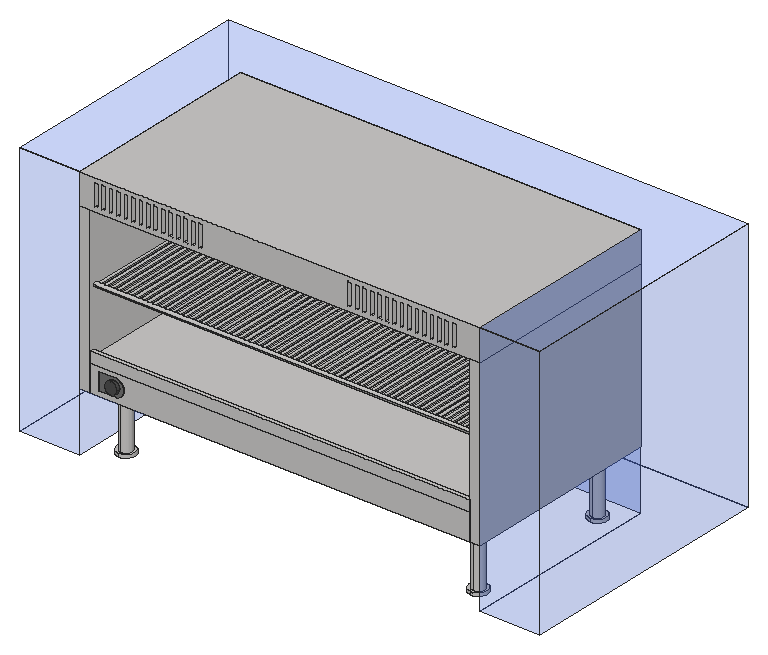
Revit family "QF_Vollrath 40700", category Specialty Equipment, Revit 2016
Family settings
  Part Type = Normal
  Round Connector Dimension = Use Diameter
  OmniClass Number = 23.40.40.11.21
  OmniClass Title = Hot Cabinets
  Work Plane-Based = No
  Always vertical = Yes
  Cut with Voids When Loaded = No
  Shared = No
  Room Calculation Point = No
Parameters (values of type "--")
  Width = 15 205/256"
  Weight in Pounds = 37
  Watts = 1450 W
  Watermarked By = "http://revitwatermark.com"
  Volts = 120 V
  URL Cutsheet = ""
  URL = "www.vollrathco.com"
  Status [instance] = ""
  Specification by User [instance] = ""
  Specification by Manufacturer = ""
  Serial Number [instance] = ""
  Seismic Rating [instance] = ""
  SMACNA No [instance] = ""
  Revision Code [instance] = ""
  Phase = 1
  Number of Poles [instance] = 1
  NAFEM Spec ID Number [instance] = ""
  Model = "40700"
  Masterspec = ""
  Manufacturer = "Vollrath"
  Item Number [instance] = ""
  Installed By [instance] = ""
  Height AFF [instance] = 12.18"
  Furnished By [instance] = ""
  Foodservice Equipment Identifier [instance] = yes
  FL Amps = 12 A
  Electrical Remarks [instance] = ""
  Electric Connection Type [instance] = ""
  Elec Conn RI Height [instance] = 0"
  Elec Conn Connection Height = 2"
  Description = "Cheese Melter/Warmer Oven"
  Cycle = 60 Hz
  Conn Plug = "NEMA 5-20P"
  CSI MasterFormat = "11 42 13"
  Assembly Code = "E1090320"
  Apparent Power = if(Phase = 3, Volts * FL Amps * 1.73, Volts * FL Amps)  # 1440 VA
Reference planes (in)
  plane 1: z = 0
  plane 2 "LEFT": x = 48
  plane 3 "BACK": y = -48
  plane 4 "BOTTOM": z = 12.18
  plane 5 "RIGHT": x = 74.79329
  plane 6 "FRONT": y = -61.5
  plane 7: z = 26.5796
  plane 8 "TOP": z = 29.2425
  plane 9: z = 16.18
  plane 10: z = 27.14622
  plane 11: z = 17.9773
  plane 12: x = 48.64665
  plane 13: x = 74.14665
  plane 14: z = 18.70605
  plane 15: z = 18.30492
  plane 16: z = 12.375
  plane 17: z = 32.44708
  plane 18: y = -44
  plane 19: x = 78.79329
  plane 20: x = 44
Forms (in)
  Extrusion 1, solid, material "QF_Finishes_Stainless Steel", not visible
    sketch origin (0, -75.61667, 13.94238) x (-1, 0, 0) y (0, 0.422618, 0.906308)
      loop
        line (-61.50401, 16.83949) -> (-49.55058, 16.83949) -> (-49.55058, 21.54291) -> (-61.50401, 21.54291) -> (-61.50401, 16.83949)
      loop
        circle (-51.11798, 19.07879) r 1.25
      loop
        circle (-51.11798, 19.07879) r 1
      loop
        line (-54.03077, 21.06689) -> (-57.03077, 21.06689) -> (-57.03077, 20.31689) -> (-54.03077, 20.31689) -> (-54.03077, 21.06689)
      loop
        circle (-54.03077, 17.5068) r 0.25
      loop
        circle (-56.78077, 17.5068) r 0.25
    from 0 to 0.68909
  Extrusion 2, solid, material "QF_Finishes_Black", not visible
    sketch origin (0, -75.54289, 2.05167) x (-1, 0, 0) y (0, 0.422618, 0.906308)
      loop
        circle (-51.11798, 29.82425) r 1.25
      loop
        circle (-51.11798, 29.82425) r 1
    from -5.0921 to -4.40301
  Extrusion 3, solid, material "QF_Finishes_Black", not visible
    sketch origin (0, -75.78725, 14.03463) x (-1, 0, 0) y (0, 0.406737, 0.913545)
      loop
        line (-57.03077, 21.03676) -> (-57.03077, 20.35703) -> (-54.03077, 20.35703) -> (-54.03077, 21.03676) -> (-57.03077, 21.03676)
      loop
        circle (-54.03077, 17.5068) r 0.25
      loop
        circle (-56.78077, 17.5068) r 0.25
    from 0.54411 to 1.25
  Extrusion 4, solid, material "QF_Finishes_Dark Grey", not visible
    sketch origin (0, -70.09177, 5.66795) x (-1, 0, 0) y (0, 0.422618, 0.906308)
      loop
        circle (-52.11896, 26.29929) r 0.25
      loop
        circle (-53.36896, 26.29929) r 0.25
      loop
        circle (-54.61896, 26.29929) r 0.25
      loop
        circle (-55.86896, 26.29929) r 0.25
      loop
        circle (-57.11896, 26.29929) r 0.25
      loop
        circle (-58.36896, 26.29929) r 0.25
    from 7.45399 to 7.92109
  Extrusion 5, solid, material "QF_Finishes_Stainless Steel"
    sketch origin (73.27749, -57.74271, 22.25) x (0, 1, 0) y (-1, 0, 0)
      loop
        circle (-2, 23.59576) r 0.6
    from -10.07 to -9.875
  Extrusion 6, solid, material "QF_Finishes_Stainless Steel"
    sketch origin (73.27749, -57.74271, 22.25) x (0, 1, 0) y (-1, 0, 0)
      loop
        circle (-2, 23.59576) r 0.4
    from -9.875 to -6.07
  Extrusion 7, solid, material "QF_Finishes_Stainless Steel"
    sketch origin (98.52749, -57.74271, 22.25) x (0, 1, 0) y (-1, 0, 0)
      loop
        circle (-2, 25.23996) r 0.6
    from -10.07 to -9.875
  Extrusion 8, solid, material "QF_Finishes_Stainless Steel"
    sketch origin (98.52749, -57.74271, 22.25) x (0, 1, 0) y (-1, 0, 0)
      loop
        circle (-2, 25.23996) r 0.4
    from -9.875 to -6.07
  Extrusion 9, solid, material "QF_Finishes_Stainless Steel"
    sketch origin (73.27749, -47.74271, 22.25) x (0, 1, 0) y (-1, 0, 0)
      loop
        circle (-2, 23.59576) r 0.6
    from -10.07 to -9.875
  Extrusion 10, solid, material "QF_Finishes_Stainless Steel"
    sketch origin (73.27749, -47.74271, 22.25) x (0, 1, 0) y (-1, 0, 0)
      loop
        circle (-2, 23.59576) r 0.4
    from -9.875 to -6.07
  Extrusion 11, solid, material "QF_Finishes_Stainless Steel"
    sketch origin (98.52749, -47.74271, 22.25) x (0, 1, 0) y (-1, 0, 0)
      loop
        circle (-2, 25.23996) r 0.6
    from -10.07 to -9.875
  Extrusion 12, solid, material "QF_Finishes_Stainless Steel"
    sketch origin (98.52749, -47.74271, 22.25) x (0, 1, 0) y (-1, 0, 0)
      loop
        circle (-2, 25.23996) r 0.4
    from -9.875 to -6.07
  Extrusion 13, solid, material "QF_Finishes_Stainless Steel"
    sketch origin (74.79329, 0, 0) x (0, 1, 0) y (0, 0, 1)
      loop
        line (-61.5, 29.2425) -> (-61.5, 27.14622) -> (-48, 27.14622) -> (-48, 29.2425) -> (-61.5, 29.2425)
    from -26.79329 to 0
  Extrusion 14, solid, material "QF_Finishes_Stainless Steel"
    sketch origin (74.79329, 0, 0) x (0, 1, 0) y (0, 0, 1)
      loop
        line (-61.5, 27.14622) -> (-61.5, 16.18) -> (-48, 16.18) -> (-48, 27.14622) -> (-61.5, 27.14622)
    from -26.14665 to -26.79329
  Extrusion 15, solid, material "QF_Finishes_Stainless Steel"
    sketch origin (104.22835, 0, 0) x (0, 1, 0) y (0, 0, 1)
      loop
        line (-61.5, 27.14622) -> (-61.5, 16.18) -> (-48, 16.18) -> (-48, 27.14622) -> (-61.5, 27.14622)
    from -30.08171 to -29.43506
  Extrusion 16, solid, material "QF_Finishes_Stainless Steel"
    sketch origin (0, -61.5, 0) x (-1, 0, 0) y (0, 0, 1)
      loop
        line (-48.64665, 17.9773) -> (-74.14665, 17.9773) -> (-74.14665, 16.18) -> (-48.64665, 16.18) -> (-48.64665, 17.9773)
      loop
        line (-49.27453, 16.5177) -> (-49.27453, 17.65705) -> (-50.3739, 17.65705)
        arc (-50.3739, 17.65705) -> (-50.94358, 17.08738) -> (-50.3739, 16.5177) r 0.56968
        line (-50.3739, 16.5177) -> (-49.27453, 16.5177)
      loop
        circle (-50.23398, 17.07738) r 0.40989
    from 0 to 13.5
  Extrusion 17, solid, material "QF_Finishes_Stainless Steel"
    sketch origin (74.79329, 0, 0) x (0, 1, 0) y (0, 0, 1)
      loop
        line (-61.25, 18.30492) -> (-61.25, 18.70605) -> (-61.5, 18.70605) -> (-61.5, 17.9773) -> (-49.5, 17.9773) -> (-49.5, 18.30492) -> (-61.25, 18.30492)
    from -0.64665 to -26.14665
  Extrusion 18, solid, material "QF_Finishes_Stainless Steel"
    sketch origin (0, -61.5, 0) x (-1, 0, 0) y (0, 0, 1)
      loop
        line (-48.64665, 27.14622) -> (-74.14665, 27.14622) -> (-74.14665, 17.9773) -> (-48.64665, 17.9773) -> (-48.64665, 27.14622)
    from 13.5 to 12
  Extrusion 19, solid, material "QF_Finishes_Stainless Steel", not visible
    sketch origin (0, -61.5, 0) x (-1, 0, 0) y (0, 0, 1)
      loop
        circle (-49.14244, 32.63817) r 0.1236
    from 0 to 12
  Extrusion 20, solid, material "QF_Finishes_Stainless Steel", not visible
    sketch origin (24.25, -61.5, 0) x (-1, 0, 0) y (0, 0, 1)
      loop
        circle (-49.14244, 32.63817) r 0.1236
    from 0 to 12
  Extrusion 21, solid, material "QF_Finishes_Stainless Steel", not visible
    sketch origin (0.75781, -61.5, 0) x (-1, 0, 0) y (0, 0, 1)
      loop
        circle (-49.14244, 32.63817) r 0.1236
    from 0 to 12
  Extrusion 22, solid, material "QF_Finishes_Stainless Steel", not visible
    sketch origin (1.51562, -61.5, 0) x (-1, 0, 0) y (0, 0, 1)
      loop
        circle (-49.14244, 32.63817) r 0.1236
    from 0 to 12
  Extrusion 23, solid, material "QF_Finishes_Stainless Steel", not visible
    sketch origin (2.27344, -61.5, 0) x (-1, 0, 0) y (0, 0, 1)
      loop
        circle (-49.14244, 32.63817) r 0.1236
    from 0 to 12
  Extrusion 24, solid, material "QF_Finishes_Stainless Steel", not visible
    sketch origin (3.03125, -61.5, 0) x (-1, 0, 0) y (0, 0, 1)
      loop
        circle (-49.14244, 32.63817) r 0.1236
    from 0 to 12
  Extrusion 25, solid, material "QF_Finishes_Stainless Steel", not visible
    sketch origin (3.78906, -61.5, 0) x (-1, 0, 0) y (0, 0, 1)
      loop
        circle (-49.14244, 32.63817) r 0.1236
    from 0 to 12
  Extrusion 26, solid, material "QF_Finishes_Stainless Steel", not visible
    sketch origin (4.54687, -61.5, 0) x (-1, 0, 0) y (0, 0, 1)
      loop
        circle (-49.14244, 32.63817) r 0.1236
    from 0 to 12
  Extrusion 27, solid, material "QF_Finishes_Stainless Steel", not visible
    sketch origin (5.30469, -61.5, 0) x (-1, 0, 0) y (0, 0, 1)
      loop
        circle (-49.14244, 32.63817) r 0.1236
    from 0 to 12
  Extrusion 28, solid, material "QF_Finishes_Stainless Steel", not visible
    sketch origin (6.0625, -61.5, 0) x (-1, 0, 0) y (0, 0, 1)
      loop
        circle (-49.14244, 32.63817) r 0.1236
    from 0 to 12
  Extrusion 29, solid, material "QF_Finishes_Stainless Steel", not visible
    sketch origin (6.82031, -61.5, 0) x (-1, 0, 0) y (0, 0, 1)
      loop
        circle (-49.14244, 32.63817) r 0.1236
    from 0 to 12
  Extrusion 30, solid, material "QF_Finishes_Stainless Steel", not visible
    sketch origin (7.57812, -61.5, 0) x (-1, 0, 0) y (0, 0, 1)
      loop
        circle (-49.14244, 32.63817) r 0.1236
    from 0 to 12
  Extrusion 31, solid, material "QF_Finishes_Stainless Steel", not visible
    sketch origin (8.33594, -61.5, 0) x (-1, 0, 0) y (0, 0, 1)
      loop
        circle (-49.14244, 32.63817) r 0.1236
    from 0 to 12
  Extrusion 32, solid, material "QF_Finishes_Stainless Steel", not visible
    sketch origin (9.09375, -61.5, 0) x (-1, 0, 0) y (0, 0, 1)
      loop
        circle (-49.14244, 32.63817) r 0.1236
    from 0 to 12
  Extrusion 33, solid, material "QF_Finishes_Stainless Steel", not visible
    sketch origin (9.85156, -61.5, 0) x (-1, 0, 0) y (0, 0, 1)
      loop
        circle (-49.14244, 32.63817) r 0.1236
    from 0 to 12
  Extrusion 34, solid, material "QF_Finishes_Stainless Steel", not visible
    sketch origin (10.60937, -61.5, 0) x (-1, 0, 0) y (0, 0, 1)
      loop
        circle (-49.14244, 32.63817) r 0.1236
    from 0 to 12
  Extrusion 35, solid, material "QF_Finishes_Stainless Steel", not visible
    sketch origin (11.36719, -61.5, 0) x (-1, 0, 0) y (0, 0, 1)
      loop
        circle (-49.14244, 32.63817) r 0.1236
    from 0 to 12
  Extrusion 36, solid, material "QF_Finishes_Stainless Steel", not visible
    sketch origin (12.125, -61.5, 0) x (-1, 0, 0) y (0, 0, 1)
      loop
        circle (-49.14244, 32.63817) r 0.1236
    from 0 to 12
  Extrusion 37, solid, material "QF_Finishes_Stainless Steel", not visible
    sketch origin (12.88281, -61.5, 0) x (-1, 0, 0) y (0, 0, 1)
      loop
        circle (-49.14244, 32.63817) r 0.1236
    from 0 to 12
  Extrusion 38, solid, material "QF_Finishes_Stainless Steel", not visible
    sketch origin (13.64062, -61.5, 0) x (-1, 0, 0) y (0, 0, 1)
      loop
        circle (-49.14244, 32.63817) r 0.1236
    from 0 to 12
  Extrusion 39, solid, material "QF_Finishes_Stainless Steel", not visible
    sketch origin (14.39844, -61.5, 0) x (-1, 0, 0) y (0, 0, 1)
      loop
        circle (-49.14244, 32.63817) r 0.1236
    from 0 to 12
  Extrusion 40, solid, material "QF_Finishes_Stainless Steel", not visible
    sketch origin (15.15625, -61.5, 0) x (-1, 0, 0) y (0, 0, 1)
      loop
        circle (-49.14244, 32.63817) r 0.1236
    from 0 to 12
  Extrusion 41, solid, material "QF_Finishes_Stainless Steel", not visible
    sketch origin (15.91406, -61.5, 0) x (-1, 0, 0) y (0, 0, 1)
      loop
        circle (-49.14244, 32.63817) r 0.1236
    from 0 to 12
  Extrusion 42, solid, material "QF_Finishes_Stainless Steel", not visible
    sketch origin (16.67187, -61.5, 0) x (-1, 0, 0) y (0, 0, 1)
      loop
        circle (-49.14244, 32.63817) r 0.1236
    from 0 to 12
  Extrusion 43, solid, material "QF_Finishes_Stainless Steel", not visible
    sketch origin (17.42969, -61.5, 0) x (-1, 0, 0) y (0, 0, 1)
      loop
        circle (-49.14244, 32.63817) r 0.1236
    from 0 to 12
  Extrusion 44, solid, material "QF_Finishes_Stainless Steel", not visible
    sketch origin (18.1875, -61.5, 0) x (-1, 0, 0) y (0, 0, 1)
      loop
        circle (-49.14244, 32.63817) r 0.1236
    from 0 to 12
  Extrusion 45, solid, material "QF_Finishes_Stainless Steel", not visible
    sketch origin (18.94531, -61.5, 0) x (-1, 0, 0) y (0, 0, 1)
      loop
        circle (-49.14244, 32.63817) r 0.1236
    from 0 to 12
  Extrusion 46, solid, material "QF_Finishes_Stainless Steel", not visible
    sketch origin (19.70312, -61.5, 0) x (-1, 0, 0) y (0, 0, 1)
      loop
        circle (-49.14244, 32.63817) r 0.1236
    from 0 to 12
  Extrusion 47, solid, material "QF_Finishes_Stainless Steel", not visible
    sketch origin (20.46094, -61.5, 0) x (-1, 0, 0) y (0, 0, 1)
      loop
        circle (-49.14244, 32.63817) r 0.1236
    from 0 to 12
  Extrusion 48, solid, material "QF_Finishes_Stainless Steel", not visible
    sketch origin (21.21875, -61.5, 0) x (-1, 0, 0) y (0, 0, 1)
      loop
        circle (-49.14244, 32.63817) r 0.1236
    from 0 to 12
  Extrusion 49, solid, material "QF_Finishes_Stainless Steel", not visible
    sketch origin (21.97656, -61.5, 0) x (-1, 0, 0) y (0, 0, 1)
      loop
        circle (-49.14244, 32.63817) r 0.1236
    from 0 to 12
  Extrusion 50, solid, material "QF_Finishes_Stainless Steel", not visible
    sketch origin (22.73437, -61.5, 0) x (-1, 0, 0) y (0, 0, 1)
      loop
        circle (-49.14244, 32.63817) r 0.1236
    from 0 to 12
  Extrusion 51, solid, material "QF_Finishes_Stainless Steel", not visible
    sketch origin (23.49219, -61.5, 0) x (-1, 0, 0) y (0, 0, 1)
      loop
        circle (-49.14244, 32.63817) r 0.1236
    from 0 to 12
  Extrusion 52, solid, material "QF_Finishes_Stainless Steel"
    sketch origin (74.79329, 0, -0.09904) x (0, 1, 0) y (0, 0, 1)
      loop
        circle (-61.07943, 22.63595) r 0.13543
    from -26.14665 to -0.64665
  Extrusion 53, solid, material "QF_Finishes_Stainless Steel"
    sketch origin (0, -48, 0) x (1, 0, 0) y (0, 0, 1)
      loop
        circle (48.84719, 22.5335) r 0.08642
      loop
        circle (49.25335, 22.5335) r 0.08642
      loop
        circle (49.66815, 22.5335) r 0.08642
      loop
        circle (50.0743, 22.5335) r 0.08642
      loop
        circle (50.47182, 22.5335) r 0.08642
      loop
        circle (50.87798, 22.5335) r 0.08642
      loop
        circle (51.29277, 22.5335) r 0.08642
      loop
        circle (51.69893, 22.5335) r 0.08642
      loop
        circle (52.09719, 22.5335) r 0.08642
      loop
        circle (52.50335, 22.5335) r 0.08642
      loop
        circle (52.91815, 22.5335) r 0.08642
      loop
        circle (53.3243, 22.5335) r 0.08642
      loop
        circle (53.72182, 22.5335) r 0.08642
      loop
        circle (54.12798, 22.5335) r 0.08642
      loop
        circle (54.54277, 22.5335) r 0.08642
      loop
        circle (54.94893, 22.5335) r 0.08642
      loop
        circle (55.34719, 22.5335) r 0.08642
      loop
        circle (55.75335, 22.5335) r 0.08642
      loop
        circle (56.16815, 22.5335) r 0.08642
      loop
        circle (56.5743, 22.5335) r 0.08642
      loop
        circle (56.97182, 22.5335) r 0.08642
      loop
        circle (57.37798, 22.5335) r 0.08642
      loop
        circle (57.79277, 22.5335) r 0.08642
      loop
        circle (58.19893, 22.5335) r 0.08642
      loop
        circle (58.59719, 22.5335) r 0.08642
      loop
        circle (59.00335, 22.5335) r 0.08642
      loop
        circle (59.41815, 22.5335) r 0.08642
      loop
        circle (59.8243, 22.5335) r 0.08642
      loop
        circle (60.22182, 22.5335) r 0.08642
      loop
        circle (60.62798, 22.5335) r 0.08642
      loop
        circle (61.04277, 22.5335) r 0.08642
      loop
        circle (61.44893, 22.5335) r 0.08642
      loop
        circle (61.84719, 22.5335) r 0.08642
      loop
        circle (62.25335, 22.5335) r 0.08642
      loop
        circle (62.66815, 22.5335) r 0.08642
      loop
        circle (63.0743, 22.5335) r 0.08642
      loop
        circle (63.47182, 22.5335) r 0.08642
      loop
        circle (63.87798, 22.5335) r 0.08642
      loop
        circle (64.29277, 22.5335) r 0.08642
      loop
        circle (64.69893, 22.5335) r 0.08642
      loop
        circle (65.09719, 22.5335) r 0.08642
      loop
        circle (65.50335, 22.5335) r 0.08642
      loop
        circle (65.91815, 22.5335) r 0.08642
      loop
        circle (66.3243, 22.5335) r 0.08642
      loop
        circle (66.72182, 22.5335) r 0.08642
      loop
        circle (67.12798, 22.5335) r 0.08642
      loop
        circle (67.54277, 22.5335) r 0.08642
      loop
        circle (67.94893, 22.5335) r 0.08642
      loop
        circle (68.34719, 22.5335) r 0.08642
      loop
        circle (68.75335, 22.5335) r 0.08642
      loop
        circle (69.16815, 22.5335) r 0.08642
      loop
        circle (69.5743, 22.5335) r 0.08642
      loop
        circle (69.97182, 22.5335) r 0.08642
      loop
        circle (70.37798, 22.5335) r 0.08642
      loop
        circle (70.79277, 22.5335) r 0.08642
      loop
        circle (71.19893, 22.5335) r 0.08642
      loop
        circle (71.59719, 22.5335) r 0.08642
      loop
        circle (72.00335, 22.5335) r 0.08642
      loop
        circle (72.41815, 22.5335) r 0.08642
      loop
        circle (72.8243, 22.5335) r 0.08642
      loop
        circle (73.22182, 22.5335) r 0.08642
      loop
        circle (73.62798, 22.5335) r 0.08642
    from 1.5 to 12.99584
  Extrusion 54, void
    sketch origin (0, -48, 0) x (1, 0, 0) y (0, 0, 1)
      loop
        line (48.98039, 28.95479) -> (48.98039, 27.45479) -> (49.23039, 27.45479) -> (49.23039, 28.95479) -> (48.98039, 28.95479)
      loop
        line (49.48039, 28.95479) -> (49.48039, 27.45479) -> (49.73039, 27.45479) -> (49.73039, 28.95479) -> (49.48039, 28.95479)
      loop
        line (49.98039, 28.95479) -> (49.98039, 27.45479) -> (50.23039, 27.45479) -> (50.23039, 28.95479) -> (49.98039, 28.95479)
      loop
        line (50.48039, 28.95479) -> (50.48039, 27.45479) -> (50.73039, 27.45479) -> (50.73039, 28.95479) -> (50.48039, 28.95479)
      loop
        line (50.98039, 28.95479) -> (50.98039, 27.45479) -> (51.23039, 27.45479) -> (51.23039, 28.95479) -> (50.98039, 28.95479)
      loop
        line (51.48039, 28.95479) -> (51.48039, 27.45479) -> (51.73039, 27.45479) -> (51.73039, 28.95479) -> (51.48039, 28.95479)
      loop
        line (51.98039, 28.95479) -> (51.98039, 27.45479) -> (52.23039, 27.45479) -> (52.23039, 28.95479) -> (51.98039, 28.95479)
      loop
        line (52.48039, 28.95479) -> (52.48039, 27.45479) -> (52.73039, 27.45479) -> (52.73039, 28.95479) -> (52.48039, 28.95479)
      loop
        line (52.98039, 28.95479) -> (52.98039, 27.45479) -> (53.23039, 27.45479) -> (53.23039, 28.95479) -> (52.98039, 28.95479)
      loop
        line (53.48039, 28.95479) -> (53.48039, 27.45479) -> (53.73039, 27.45479) -> (53.73039, 28.95479) -> (53.48039, 28.95479)
      loop
        line (53.98039, 28.95479) -> (53.98039, 27.45479) -> (54.23039, 27.45479) -> (54.23039, 28.95479) -> (53.98039, 28.95479)
      loop
        line (54.48039, 28.95479) -> (54.48039, 27.45479) -> (54.73039, 27.45479) -> (54.73039, 28.95479) -> (54.48039, 28.95479)
      loop
        line (54.98039, 28.95479) -> (54.98039, 27.45479) -> (55.23039, 27.45479) -> (55.23039, 28.95479) -> (54.98039, 28.95479)
      loop
        line (55.48039, 28.95479) -> (55.48039, 27.45479) -> (55.73039, 27.45479) -> (55.73039, 28.95479) -> (55.48039, 28.95479)
      loop
        line (55.98039, 28.95479) -> (55.98039, 27.45479) -> (56.23039, 27.45479) -> (56.23039, 28.95479) -> (55.98039, 28.95479)
      loop
        line (65.98039, 28.95479) -> (65.98039, 27.45479) -> (66.23039, 27.45479) -> (66.23039, 28.95479) -> (65.98039, 28.95479)
      loop
        line (66.48039, 28.95479) -> (66.48039, 27.45479) -> (66.73039, 27.45479) -> (66.73039, 28.95479) -> (66.48039, 28.95479)
      loop
        line (66.98039, 28.95479) -> (66.98039, 27.45479) -> (67.23039, 27.45479) -> (67.23039, 28.95479) -> (66.98039, 28.95479)
      loop
        line (67.48039, 28.95479) -> (67.48039, 27.45479) -> (67.73039, 27.45479) -> (67.73039, 28.95479) -> (67.48039, 28.95479)
      loop
        line (67.98039, 28.95479) -> (67.98039, 27.45479) -> (68.23039, 27.45479) -> (68.23039, 28.95479) -> (67.98039, 28.95479)
      loop
        line (68.48039, 28.95479) -> (68.48039, 27.45479) -> (68.73039, 27.45479) -> (68.73039, 28.95479) -> (68.48039, 28.95479)
      loop
        line (68.98039, 28.95479) -> (68.98039, 27.45479) -> (69.23039, 27.45479) -> (69.23039, 28.95479) -> (68.98039, 28.95479)
      loop
        line (69.48039, 28.95479) -> (69.48039, 27.45479) -> (69.73039, 27.45479) -> (69.73039, 28.95479) -> (69.48039, 28.95479)
      loop
        line (69.98039, 28.95479) -> (69.98039, 27.45479) -> (70.23039, 27.45479) -> (70.23039, 28.95479) -> (69.98039, 28.95479)
      loop
        line (70.48039, 28.95479) -> (70.48039, 27.45479) -> (70.73039, 27.45479) -> (70.73039, 28.95479) -> (70.48039, 28.95479)
      loop
        line (70.98039, 28.95479) -> (70.98039, 27.45479) -> (71.23039, 27.45479) -> (71.23039, 28.95479) -> (70.98039, 28.95479)
      loop
        line (71.48039, 28.95479) -> (71.48039, 27.45479) -> (71.73039, 27.45479) -> (71.73039, 28.95479) -> (71.48039, 28.95479)
      loop
        line (71.98039, 28.95479) -> (71.98039, 27.45479) -> (72.23039, 27.45479) -> (72.23039, 28.95479) -> (71.98039, 28.95479)
      loop
        line (72.48039, 28.95479) -> (72.48039, 27.45479) -> (72.73039, 27.45479) -> (72.73039, 28.95479) -> (72.48039, 28.95479)
      loop
        line (72.98039, 28.95479) -> (72.98039, 27.45479) -> (73.23039, 27.45479) -> (73.23039, 28.95479) -> (72.98039, 28.95479)
    from 13.25 to 13.5
  Extrusion 55, void, not visible
    sketch origin (0, -48, 0) x (1, 0, 0) y (0, 0, 1)
      loop
        line (48.98039, 38.95479) -> (48.98039, 37.45479) -> (49.23039, 37.45479) -> (49.23039, 38.95479) -> (48.98039, 38.95479)
      loop
        line (49.48039, 38.95479) -> (49.48039, 37.45479) -> (49.73039, 37.45479) -> (49.73039, 38.95479) -> (49.48039, 38.95479)
      loop
        line (49.98039, 38.95479) -> (49.98039, 37.45479) -> (50.23039, 37.45479) -> (50.23039, 38.95479) -> (49.98039, 38.95479)
      loop
        line (50.48039, 38.95479) -> (50.48039, 37.45479) -> (50.73039, 37.45479) -> (50.73039, 38.95479) -> (50.48039, 38.95479)
      loop
        line (50.98039, 38.95479) -> (50.98039, 37.45479) -> (51.23039, 37.45479) -> (51.23039, 38.95479) -> (50.98039, 38.95479)
      loop
        line (51.48039, 38.95479) -> (51.48039, 37.45479) -> (51.73039, 37.45479) -> (51.73039, 38.95479) -> (51.48039, 38.95479)
      loop
        line (51.98039, 38.95479) -> (51.98039, 37.45479) -> (52.23039, 37.45479) -> (52.23039, 38.95479) -> (51.98039, 38.95479)
      loop
        line (52.48039, 38.95479) -> (52.48039, 37.45479) -> (52.73039, 37.45479) -> (52.73039, 38.95479) -> (52.48039, 38.95479)
      loop
        line (52.98039, 38.95479) -> (52.98039, 37.45479) -> (53.23039, 37.45479) -> (53.23039, 38.95479) -> (52.98039, 38.95479)
      loop
        line (53.48039, 38.95479) -> (53.48039, 37.45479) -> (53.73039, 37.45479) -> (53.73039, 38.95479) -> (53.48039, 38.95479)
      loop
        line (53.98039, 38.95479) -> (53.98039, 37.45479) -> (54.23039, 37.45479) -> (54.23039, 38.95479) -> (53.98039, 38.95479)
      loop
        line (54.48039, 38.95479) -> (54.48039, 37.45479) -> (54.73039, 37.45479) -> (54.73039, 38.95479) -> (54.48039, 38.95479)
      loop
        line (54.98039, 38.95479) -> (54.98039, 37.45479) -> (55.23039, 37.45479) -> (55.23039, 38.95479) -> (54.98039, 38.95479)
      loop
        line (55.48039, 38.95479) -> (55.48039, 37.45479) -> (55.73039, 37.45479) -> (55.73039, 38.95479) -> (55.48039, 38.95479)
      loop
        line (55.98039, 38.95479) -> (55.98039, 37.45479) -> (56.23039, 37.45479) -> (56.23039, 38.95479) -> (55.98039, 38.95479)
      loop
        line (65.98039, 38.95479) -> (65.98039, 37.45479) -> (66.23039, 37.45479) -> (66.23039, 38.95479) -> (65.98039, 38.95479)
      loop
        line (66.48039, 38.95479) -> (66.48039, 37.45479) -> (66.73039, 37.45479) -> (66.73039, 38.95479) -> (66.48039, 38.95479)
      loop
        line (66.98039, 38.95479) -> (66.98039, 37.45479) -> (67.23039, 37.45479) -> (67.23039, 38.95479) -> (66.98039, 38.95479)
      loop
        line (67.48039, 38.95479) -> (67.48039, 37.45479) -> (67.73039, 37.45479) -> (67.73039, 38.95479) -> (67.48039, 38.95479)
      loop
        line (67.98039, 38.95479) -> (67.98039, 37.45479) -> (68.23039, 37.45479) -> (68.23039, 38.95479) -> (67.98039, 38.95479)
      loop
        line (68.48039, 38.95479) -> (68.48039, 37.45479) -> (68.73039, 37.45479) -> (68.73039, 38.95479) -> (68.48039, 38.95479)
      loop
        line (68.98039, 38.95479) -> (68.98039, 37.45479) -> (69.23039, 37.45479) -> (69.23039, 38.95479) -> (68.98039, 38.95479)
      loop
        line (69.48039, 38.95479) -> (69.48039, 37.45479) -> (69.73039, 37.45479) -> (69.73039, 38.95479) -> (69.48039, 38.95479)
      loop
        line (69.98039, 38.95479) -> (69.98039, 37.45479) -> (70.23039, 37.45479) -> (70.23039, 38.95479) -> (69.98039, 38.95479)
      loop
        line (70.48039, 38.95479) -> (70.48039, 37.45479) -> (70.73039, 37.45479) -> (70.73039, 38.95479) -> (70.48039, 38.95479)
      loop
        line (70.98039, 38.95479) -> (70.98039, 37.45479) -> (71.23039, 37.45479) -> (71.23039, 38.95479) -> (70.98039, 38.95479)
      loop
        line (71.48039, 38.95479) -> (71.48039, 37.45479) -> (71.73039, 37.45479) -> (71.73039, 38.95479) -> (71.48039, 38.95479)
      loop
        line (71.98039, 38.95479) -> (71.98039, 37.45479) -> (72.23039, 37.45479) -> (72.23039, 38.95479) -> (71.98039, 38.95479)
      loop
        line (72.48039, 38.95479) -> (72.48039, 37.45479) -> (72.73039, 37.45479) -> (72.73039, 38.95479) -> (72.48039, 38.95479)
      loop
        line (72.98039, 38.95479) -> (72.98039, 37.45479) -> (73.23039, 37.45479) -> (73.23039, 38.95479) -> (72.98039, 38.95479)
    from 13.25 to 13.5
  Extrusion 56, solid, material "QF_Finishes_Black"
    sketch origin (0, -48, 0) x (1, 0, 0) y (0, 0, 1)
      loop
        circle (50.23398, 17.07738) r 0.40989
    from 13.68118 to 13.5
  Extrusion 57, solid, material "QF_Finishes_Dark Grey"
    sketch origin (0, -48, 0) x (1, 0, 0) y (0, 0, 1)
      loop
        line (49.27453, 16.5177) -> (50.3739, 16.5177)
        arc (50.3739, 16.5177) -> (50.94358, 17.08738) -> (50.3739, 17.65705) r 0.56968
        line (50.3739, 17.65705) -> (49.27453, 17.65705) -> (49.27453, 16.5177)
      loop
        circle (50.23398, 17.07738) r 0.40989
    from 0 to 13.5
  Extrusion 58, solid, material "QF_Finishes_Clearances"
    sketch origin (0, 0, 0) x (1, 0, 0) y (0, 1, 0)
      loop
        line (48, -61.5) -> (48, -48) -> (74.79329, -48) -> (74.79329, -61.5) -> (78.79329, -61.5) -> (78.79329, -44) -> (44, -44) -> (44, -61.5) -> (48, -61.5)
    from 12.18 to 29.2425
Cuts and joins
  Extrusion 54 cuts Extrusion 13
Lines and regions (in)
  symbolic lines
    curve 1: line (74.79329, -48, 0) -> (48, -48, 0)
    curve 2: line (48, -48, 0) -> (48, -61.5, 0)
    curve 3: line (48, -61.5, 0) -> (74.79329, -61.5, 0)
    curve 4: line (74.79329, -61.5, 0) -> (74.79329, -48, 0)
Dimensions and locks (in)
  "Height AFF": plane 4 "BOTTOM" to level
  plane 6 "FRONT" to plane 3 "BACK" = 13 1/2"
  locked: plane 2 "LEFT" to plane 12 at 0.64665
  locked: plane 13 to plane 5 "RIGHT" at 0.64665
  plane 12 to plane 13 = 25 1/2"
  locked: plane 10 to plane 14 at 8.44017
  locked: plane 8 "TOP" to plane 10 at 2.09628
  locked: plane 8 "TOP" to Extrusion 53 sketch curve at 6.709
  locked: plane 16 to plane 4 "BOTTOM" at 0.195
  locked: plane 9 to plane 16 at 3.805
  locked: plane 11 to plane 9 at 1.7973
  locked: plane 15 to plane 11 at 0.32762
  locked: plane 14 to plane 15 at 0.40113
  plane 8 "TOP" to plane 4 "BOTTOM" = 17 1/16"
  aligned and locked: level to plane 1
  aligned and locked: Extrusion 2 sketch curve to Extrusion 1  (x4)
  aligned and locked: Extrusion 14 sketch curve to Extrusion 13  (x2)
  aligned and locked: plane 9 to Extrusion 14 sketch curve
  aligned and locked: plane 3 "BACK" to Extrusion 14 sketch curve
  aligned and locked: plane 8 "TOP" to Extrusion 13  (x2)
  aligned and locked: Extrusion 13 to Extrusion 14
  aligned and locked: plane 9 to Extrusion 10
  aligned and locked: Extrusion 12 to Extrusion 10
  aligned and locked: Extrusion 6 to Extrusion 10
  aligned and locked: Extrusion 6 to Extrusion 8
  aligned and locked: plane 11 to Extrusion 16
  aligned and locked: Extrusion 16 to Extrusion 6
  aligned and locked: Extrusion 18 sketch curve to Extrusion 16
  aligned and locked: Extrusion 18 to Extrusion 13
  aligned and locked: Extrusion 18 to Extrusion 16
  aligned and locked: Extrusion 15 to Extrusion 6
  aligned and locked: Extrusion 15 to Extrusion 13
  aligned and locked: Extrusion 13 to plane 10
  aligned and locked: Extrusion 13 to plane 2 "LEFT"
  aligned and locked: Extrusion 15 to Extrusion 16
  aligned and locked: plane 5 "RIGHT" to Extrusion 15
  aligned and locked: Extrusion 18 to Extrusion 15
  aligned and locked: Extrusion 14 to Extrusion 18
  aligned and locked: Extrusion 14 to plane 2 "LEFT"
  aligned and locked: Extrusion 17 to Extrusion 14
  aligned and locked: Extrusion 16 to Extrusion 14
  aligned and locked: plane 14 to Extrusion 17  (x2)
  aligned and locked: plane 15 to Extrusion 17  (x2)
  aligned and locked: Extrusion 18 to Extrusion 14
  aligned and locked: Extrusion 7 to plane 4 "BOTTOM"
  aligned and locked: Extrusion 5 to plane 4 "BOTTOM"  (x2)
  aligned and locked: Extrusion 11 to plane 4 "BOTTOM"
  aligned and locked: Extrusion 9 to plane 4 "BOTTOM"
  aligned and locked: Extrusion 14 to plane 9
  aligned and locked: Extrusion 17 to plane 11
  aligned and locked: plane 10 to Extrusion 14
  aligned and locked: Extrusion 9 to Extrusion 10
  aligned and locked: Extrusion 10 to Extrusion 11
  aligned and locked: Extrusion 5 to Extrusion 6
  aligned and locked: Extrusion 6 to Extrusion 7
  aligned and locked: Extrusion 8 to Extrusion 5
  aligned and locked: Extrusion 9 to Extrusion 7
  aligned and locked: Extrusion 11 to Extrusion 12
  aligned and locked: Extrusion 12 to Extrusion 9
  aligned and locked: plane 16 to Extrusion 5
  aligned and locked: plane 4 "BOTTOM" to Extrusion 5
  aligned and locked: Extrusion 56 sketch curve to Extrusion 16
  aligned and locked: Extrusion 57 sketch curve to Extrusion 16
  aligned and locked: plane 8 "TOP" to Extrusion 58
  aligned and locked: Extrusion 58 to plane 4 "BOTTOM"
Automatic sketch dimensions
  Extrusion 1 sketch curve to Extrusion 1 sketch curve = 0"  (x5)
  Extrusion 1 sketch curve to Extrusion 1 sketch curve = 4.47324"
  Extrusion 1 sketch curve to Extrusion 1 sketch curve = 1/4"
  Extrusion 1 sketch curve to Extrusion 1 sketch curve = 3"
  Extrusion 1 sketch curve to Extrusion 1 sketch curve = 2 3/4"
  Extrusion 1 sketch curve to Extrusion 1 sketch curve = 1.56739"
  Extrusion 1 sketch curve to Extrusion 1 sketch curve = 0.66732"
  Extrusion 1 sketch curve to Extrusion 1 sketch curve = 2.2393"
  Extrusion 1 sketch curve to Extrusion 1 sketch curve = 2.81008"
  Extrusion 1 sketch curve to Extrusion 1 sketch curve = 3/4"
  Extrusion 3 sketch curve to Extrusion 3 sketch curve = 3"
  Extrusion 1 sketch curve to Extrusion 1 sketch curve = 2.46412"
  Extrusion 3 sketch curve to Extrusion 3 sketch curve = 0"  (x6)
  Extrusion 3 sketch curve to Extrusion 3 sketch curve = 1/4"  (x2)
  Extrusion 3 sketch curve to Extrusion 3 sketch curve = 2 1/4"
  Extrusion 3 sketch curve to Extrusion 3 sketch curve = 2.85023"
  Extrusion 3 sketch curve to Extrusion 3 sketch curve = 0.67973"
  Extrusion 1 sketch curve to Extrusion 1 sketch curve = 2.9128"
  Extrusion 4 sketch curve to Extrusion 4 sketch curve = 1 1/4"  (x5)
  Extrusion 4 sketch curve to Extrusion 4 sketch curve = 0"  (x5)
  plane 6 "FRONT" to Extrusion 5 sketch curve = 1.75729"
  plane 2 "LEFT" to Extrusion 5 sketch curve = 1.68174"
  plane 6 "FRONT" to Extrusion 6 sketch curve = 1.75729"
  plane 2 "LEFT" to Extrusion 6 sketch curve = 1.68174"
  plane 6 "FRONT" to Extrusion 7 sketch curve = 1.75729"
  Extrusion 7 sketch curve to plane 5 "RIGHT" = 1.50576"
  plane 6 "FRONT" to Extrusion 8 sketch curve = 1.75729"
  Extrusion 8 sketch curve to plane 5 "RIGHT" = 1.50576"
  plane 3 "BACK" to Extrusion 9 sketch curve = 1.74271"
  plane 2 "LEFT" to Extrusion 9 sketch curve = 1.68174"
  plane 3 "BACK" to Extrusion 10 sketch curve = 1.74271"
  plane 2 "LEFT" to Extrusion 10 sketch curve = 1.68174"
  plane 3 "BACK" to Extrusion 11 sketch curve = 1.74271"
  Extrusion 11 sketch curve to plane 5 "RIGHT" = 1.50576"
  plane 3 "BACK" to Extrusion 12 sketch curve = 1.74271"
  Extrusion 12 sketch curve to plane 5 "RIGHT" = 1.50576"
  Extrusion 13 sketch curve to plane 6 "FRONT" = 0"
  Extrusion 13 sketch curve to plane 3 "BACK" = 0"
  plane 10 to Extrusion 13 sketch curve = 0"
  Extrusion 13 sketch curve to plane 8 "TOP" = 0"
  Extrusion 15 sketch curve to plane 6 "FRONT" = 0"
  Extrusion 15 sketch curve to plane 3 "BACK" = 0"
  Extrusion 15 sketch curve to plane 9 = 0"
  plane 10 to Extrusion 15 sketch curve = 0"
  Extrusion 17 sketch curve to plane 6 "FRONT" = 0"
  Extrusion 17 sketch curve to plane 11 = 0"
  Extrusion 17 sketch curve to Extrusion 17 sketch curve = 1/4"
  plane 3 "BACK" to Extrusion 17 sketch curve = 1 1/2"
  Extrusion 17 sketch curve to Extrusion 17 sketch curve = 0.32762"
  Extrusion 17 sketch curve to Extrusion 17 sketch curve = 0.40113"
  plane 6 "FRONT" to Extrusion 52 sketch curve = 0.42057"
  plane 14 to Extrusion 52 sketch curve = 3.83086"
  Extrusion 53 sketch curve to plane 12 = 0.20055"
  Extrusion 53 sketch curve to Extrusion 53 sketch curve = 0.40616"  (x31)
  Extrusion 53 sketch curve to Extrusion 53 sketch curve = 0.4148"  (x15)
  Extrusion 53 sketch curve to Extrusion 53 sketch curve = 0.39751"  (x8)
  Extrusion 53 sketch curve to Extrusion 53 sketch curve = 0.39826"  (x7)
  Extrusion 53 sketch curve to Extrusion 53 sketch curve = 0"  (x61)
  Extrusion 54 sketch curve to Extrusion 54 sketch curve = 1/4"  (x58)
  Extrusion 54 sketch curve to Extrusion 54 sketch curve = 0"  (x57)
  Extrusion 54 sketch curve to Extrusion 54 sketch curve = 9 3/4"
  Extrusion 54 sketch curve to Extrusion 54 sketch curve = 1 1/2"  (x2)
  Extrusion 55 sketch curve to Extrusion 55 sketch curve = 1/4"  (x58)
  Extrusion 55 sketch curve to Extrusion 55 sketch curve = 0"  (x57)
  Extrusion 55 sketch curve to Extrusion 55 sketch curve = 9 3/4"
  Extrusion 55 sketch curve to Extrusion 55 sketch curve = 1 1/2"  (x2)
  Extrusion 18 sketch curve to plane 10 = 0"
  plane 13 to Extrusion 18 sketch curve = 0"
  plane 12 to Extrusion 18 sketch curve = 0"
  Extrusion 16 sketch curve to plane 11 = 0"
  plane 13 to Extrusion 16 sketch curve = 0"
  plane 12 to Extrusion 16 sketch curve = 0"
  Extrusion 16 sketch curve to plane 9 = 0"
  Extrusion 16 sketch curve to plane 12 = 1.72726"
  Extrusion 16 sketch curve to Extrusion 16 sketch curve = 0.13992"
  plane 9 to Extrusion 16 sketch curve = 0.3377"
  Extrusion 16 sketch curve to plane 12 = 0.62788"
  Extrusion 16 sketch curve to Extrusion 16 sketch curve = 0.55968"
  Extrusion 16 sketch curve to Extrusion 16 sketch curve = 0.00999"
  plane 9 to Extrusion 57 sketch curve = 0.3377"
  Extrusion 57 sketch curve to plane 11 = 0.32025"
  Extrusion 57 sketch curve to Extrusion 57 sketch curve = 1.09937"
  Extrusion 57 sketch curve to Extrusion 57 sketch curve = 0.54981"
  Extrusion 57 sketch curve to Extrusion 57 sketch curve = 0.13992"
  Extrusion 57 sketch curve to Extrusion 57 sketch curve = 0.00999"
  Extrusion 54 sketch curve to plane 12 = 0.33374"
  plane 10 to Extrusion 54 sketch curve = 0.30857"
  curve 1 to plane 2 "LEFT" = 0"
  plane 3 "BACK" to curve 1 = 0"
  curve 2 to plane 6 "FRONT" = 0"
  curve 3 to plane 5 "RIGHT" = 0"
  Extrusion 58 sketch curve to plane 6 "FRONT" = 0"  (x2)
  Extrusion 58 sketch curve to plane 20 = 0"
  Extrusion 58 sketch curve to plane 2 "LEFT" = 0"
  Extrusion 58 sketch curve to plane 5 "RIGHT" = 0"
  plane 18 to Extrusion 58 sketch curve = 0"
  Extrusion 58 sketch curve to plane 19 = 0"
  plane 3 "BACK" to Extrusion 58 sketch curve = 0"
  radius of Extrusion 1 sketch curve = 1 1/4"
  radius of Extrusion 1 sketch curve = 1"
  radius of Extrusion 1 sketch curve = 1/4"  (x2)
  radius of Extrusion 4 sketch curve = 1/4"  (x6)
  radius of Extrusion 5 sketch curve = 0.6"
  radius of Extrusion 6 sketch curve = 0.4"
  radius of Extrusion 7 sketch curve = 0.6"
  radius of Extrusion 8 sketch curve = 0.4"
  radius of Extrusion 9 sketch curve = 0.6"
  radius of Extrusion 10 sketch curve = 0.4"
  radius of Extrusion 11 sketch curve = 0.6"
  radius of Extrusion 12 sketch curve = 0.4"
  radius of Extrusion 19 sketch curve = 0.1236"
  radius of Extrusion 20 sketch curve = 0.1236"
  radius of Extrusion 21 sketch curve = 0.1236"
  radius of Extrusion 22 sketch curve = 0.1236"
  radius of Extrusion 23 sketch curve = 0.1236"
  radius of Extrusion 24 sketch curve = 0.1236"
  radius of Extrusion 25 sketch curve = 0.1236"
  radius of Extrusion 26 sketch curve = 0.1236"
  radius of Extrusion 27 sketch curve = 0.1236"
  radius of Extrusion 28 sketch curve = 0.1236"
  radius of Extrusion 29 sketch curve = 0.1236"
  radius of Extrusion 30 sketch curve = 0.1236"
  radius of Extrusion 31 sketch curve = 0.1236"
  radius of Extrusion 32 sketch curve = 0.1236"
  radius of Extrusion 33 sketch curve = 0.1236"
  radius of Extrusion 34 sketch curve = 0.1236"
  radius of Extrusion 35 sketch curve = 0.1236"
  radius of Extrusion 36 sketch curve = 0.1236"
  radius of Extrusion 37 sketch curve = 0.1236"
  radius of Extrusion 38 sketch curve = 0.1236"
  radius of Extrusion 39 sketch curve = 0.1236"
  radius of Extrusion 40 sketch curve = 0.1236"
  radius of Extrusion 41 sketch curve = 0.1236"
  radius of Extrusion 42 sketch curve = 0.1236"
  radius of Extrusion 43 sketch curve = 0.1236"
  radius of Extrusion 44 sketch curve = 0.1236"
  radius of Extrusion 45 sketch curve = 0.1236"
  radius of Extrusion 46 sketch curve = 0.1236"
  radius of Extrusion 47 sketch curve = 0.1236"
  radius of Extrusion 48 sketch curve = 0.1236"
  radius of Extrusion 49 sketch curve = 0.1236"
  radius of Extrusion 50 sketch curve = 0.1236"
  radius of Extrusion 51 sketch curve = 0.1236"
  radius of Extrusion 52 sketch curve = 0.13543"
  radius of Extrusion 53 sketch curve = 0.08642"  (x62)
  radius of Extrusion 16 sketch curve = 0.40989"
